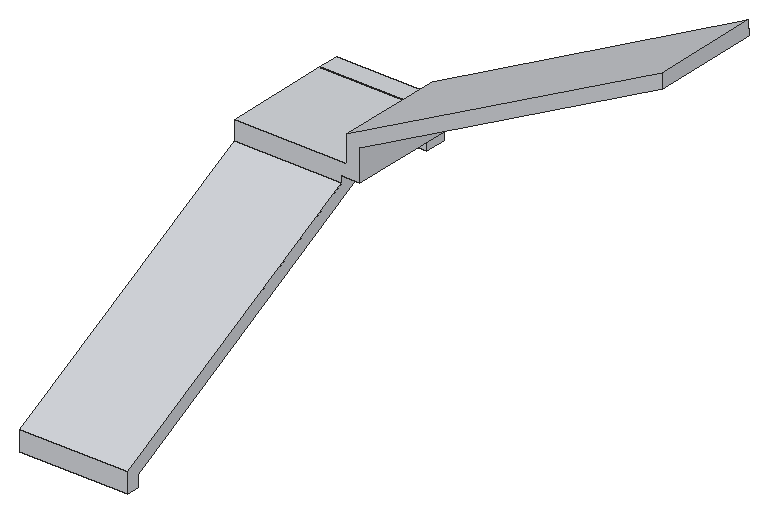
Revit family "BS_ThangBTCT_2 Vế vuông góc-type 2", category Structural Framing, Revit 2019
Family settings
  Structural Framing Length Roundoff = 0 mm
  Section Shape = Not Defined
  Material for Model Behavior = Other
  Always export as geometry = No
  Work Plane-Based = No
  Always vertical = No
  Cut with Voids When Loaded = No
  Symbolic Representation = From Family
  Shared = No
  Show family pre-cut in plan views = Yes
Parameters
  Ẩn Dầm [instance] = yes
  x1 [instance] = 50 mm
  VatLieu_Thang [instance] = none
  VatLieu_Dam [instance] = none
  Tổng Chiều Cao [instance] = ChieuNghi_H1 + ChieuNghi_H2  # 3300 mm
  Rong.Thang_R2 [instance] = 1000 mm
  Rong.Thang_R1 [instance] = 1000 mm
  Off_ChanThang [instance] = 180 mm
  Dầm_H [instance] = 350 mm
  Dầm_B [instance] = 200 mm
  Description = "0914922502"
  Dai.Thang_L2 [instance] = 3000 mm
  Dai.Thang_L1 [instance] = 2500 mm
  ChieuNghi_H2 [instance] = 1800 mm
  ChieuNghi_H1 [instance] = 1500 mm
  ChiaBac_H1 [instance] = 250 mm
  BanThang_Dày [instance] = 120 mm
  BacThang_Cao [instance] = 175 mm
  BS_Đơn vị tư vấn = "BIM SPEED"
  BS_Người Tạo = "Hoàng Tới"
  Am [instance] = Dầm_B * (-1)  # -200 mm
Reference planes
  plane 1 "Center (Front/Back)": y = 0
  plane 2: z = 0
  plane 3 "Center (Left/Right)": x = 0
  plane 4 "CN2": z = 3300
  plane 5 "CN1": z = 1500
  plane 6: x = 1000
  plane 7: y = 2500
  plane 8: y = 3500
  plane 9: x = 4000
  plane 10 "CN4": z = 1325
  plane 11 "CN5": z = 1380
  plane 12: x = 1050
  plane 13 "CN10": z = 1750
  plane 14: x = 1170
Forms (mm)
  Extrusion 1, solid, material <- "VatLieu_Thang"
    sketch origin (0, 0, 0) x (0, 1, 0) y (0, 0, 1)
      loop
        line (0, 0) -> (0, -180) -> (120, -180) -> (120, -72.212) -> (2860.023, 1380) -> (3500, 1380) -> (3500, 1500) -> (2500, 1500) -> (2500, 1325) -> (0, 0)
    from 0 to 1000
  Extrusion 2, solid, material <- "VatLieu_Thang"
    sketch origin (10952.917, 3500, 1200) x (1, 0, 0) y (0, 0, 1)
      loop
        line (-9952.917, 300) -> (-9952.917, 180) -> (-9782.917, 180) -> (-9782.917, 477.495) -> (-6952.917, 1964.444) -> (-6952.917, 2100) -> (-9902.917, 550) -> (-9902.917, 300) -> (-9952.917, 300)
    from 0 to 1000
  Extrusion 3, solid, material <- "VatLieu_Dam", visible <- "Ẩn Dầm"
    sketch origin (10952.917, 3500, 1200) x (1, 0, 0) y (0, 0, 1)
      loop
        line (-10952.917, 300) -> (-10952.917, -50) -> (-9952.917, -50) -> (-9952.917, 300) -> (-10952.917, 300)
    from 0 to -200 <- "Am"
Cuts and joins
  joined: Extrusion 1, Extrusion 2
Dimensions and locks
  "ChieuNghi_H1": plane 2 to plane 5 "CN1"
  "ChieuNghi_H2": plane 5 "CN1" to plane 4 "CN2"
  "Rong.Thang_R1": plane 3 "Center (Left/Right)" to plane 6
  "Dai.Thang_L1": plane 1 "Center (Front/Back)" to plane 7
  "Rong.Thang_R2": plane 7 to plane 8
  "BacThang_Cao": plane 5 "CN1" to plane 10 "CN4"
  "BanThang_Dày": plane 5 "CN1" to plane 11 "CN5"
  "BanThang_Dày": Extrusion 1 sketch curve to Extrusion 1 sketch curve
  "ChieuNghi_H1": plane 5 "CN1" to plane 2
  plane 5 "CN1" to plane 10 "CN4" = 175 mm
  plane 5 "CN1" to plane 11 "CN5" = 120 mm
  "BanThang_Dày": Extrusion 1 sketch curve to plane 1 "Center (Front/Back)"
  "Off_ChanThang": Extrusion 1 sketch curve to plane 2
  "Dai.Thang_L2": plane 6 to plane 9
  "Dầm_H": Extrusion 3 sketch curve to Extrusion 3 sketch curve
  "x1": plane 12 to plane 6
  "ChiaBac_H1": plane 13 "CN10" to plane 5 "CN1"
  "BanThang_Dày": plane 14 to plane 12
  "BanThang_Dày": Extrusion 2 sketch curve to Extrusion 2 sketch curve
  aligned and locked: level to plane 2
  aligned and locked: plane 5 "CN1" to Extrusion 1 sketch curve
  aligned and locked: Extrusion 1 sketch curve to plane 7
  aligned and locked: Extrusion 1 sketch curve to plane 8
  aligned and locked: plane 7 to Extrusion 1 sketch curve
  aligned and locked: plane 10 "CN4" to Extrusion 1 sketch curve
  aligned and locked: Extrusion 1 sketch curve to plane 11 "CN5"
  aligned and locked: plane 1 "Center (Front/Back)" to Extrusion 1 sketch curve
  aligned and locked: plane 2 to Extrusion 1 sketch curve
  aligned and locked: Extrusion 1 to plane 3 "Center (Left/Right)"
  aligned and locked: plane 6 to Extrusion 1
  aligned and locked: Extrusion 2 sketch curve to plane 11 "CN5"
  aligned and locked: Extrusion 2 to plane 8
  aligned and locked: plane 7 to Extrusion 2
  aligned and locked: Extrusion 2 sketch curve to plane 9
  aligned and locked: plane 4 "CN2" to Extrusion 2 sketch curve
  aligned and locked: Extrusion 3 sketch curve to cut or joined group of Extrusion 1, Extrusion 2
  aligned and locked: Extrusion 3 sketch curve to plane 6
  aligned and locked: plane 6 to Extrusion 2 sketch curve
  aligned and locked: Extrusion 2 sketch curve to plane 5 "CN1"
  aligned and locked: plane 12 to Extrusion 2 sketch curve
  aligned and locked: plane 13 "CN10" to Extrusion 2 sketch curve
  aligned and locked: plane 14 to Extrusion 2 sketch curve
Automatic sketch dimensions
  Extrusion 3 sketch curve to plane 5 "CN1" = 0 mm
